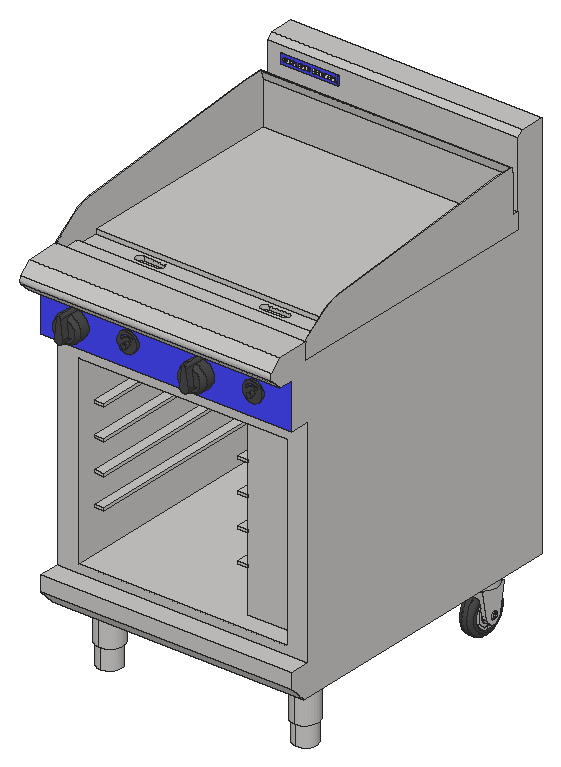
Revit family "QF_MOFFAT_BLUESEAL_CE_G514B-CB", category Specialty Equipment, Revit 2012
Parameters
  Weight in Pounds = 173  # constant formula
  Width [instance] = 600.00 mm  # constant formula
  URL Cutsheet = "www.moffat.com"
  URL = "www.moffat.com"
  Type Mark [instance] = ""
  Status [instance] = ""
  Specification by User [instance] = ""
  Specification by Manufacturer = ""
  Show Logo [instance] = yes
  Show Casters [instance] = yes
  Serial Number = ""
  Seismic Rating = ""
  SMACNA No = ""
  Revision Code [instance] = ""
  Omniclass Number and Title = ""
  NAFEM Spec ID Number = ""
  Model = "G514B-CB"
  Mechanical Remarks = ""
  Mechanical Connection Type = ""
  Masterspec = ""
  Manufacturer = "MOFFAT BLUESEAL"
  Legs [instance] = not(Show Casters)  # no
  Item Number [instance] = ""
  Installed By [instance] = ""
  Identify Quantity as Lot [instance] = yes
  Height = 1085.00 mm  # constant formula
  Gas Size = 3/4"
  Gas RI Height = 0.00 mm
  Gas KW = 12
  Gas Input = 40800.0 Btu/h
  Gas Connection Height = 0.00 mm
  Furnished By [instance] = ""
  Foodservice Equipment Identifier [instance] = yes
  Description = "600MM GAS GRIDDLE PLATE ON CABINET BASE"
  Depth [instance] = 812.00 mm  # constant formula
  CSI MasterFormat = ""
  CSI Master Format = ""
  Back Splash [instance] = 215.00 mm  # constant formula
Reference planes
  plane 1 "BACK": y = 0
  plane 2: z = 0
  plane 3 "LEFT": x = 0
  plane 4 "RIGHT": x = 600
  plane 5 "FRONT": y = -812
  plane 6 "TOP": z = 970
  plane 7 "Center Y": x = 300
  plane 8 "Center X": y = -406
  plane 9 "Base Height": z = 150
  plane 10: z = 915
  plane 11: x = 65
  plane 12: x = 534
  plane 13: y = -625
  plane 14: y = -100
  plane 15: x = 470
  plane 16: z = 655
  plane 17: y = -32
  plane 18: z = 1085
Forms (mm)
  Extrusion 1, solid, material "QF_Finishes_Stainless Steel"
    sketch origin (0, 0, 0) x (0, 1, 0) y (0, 0, 1)
      loop
        line (-100, 150) -> (0, 150) -> (0, 1085) -> (-57.5, 1085) -> (-70, 1072.5) -> (-70, 875) -> (-705, 875) -> (-705, 915) -> (-783.97, 915) -> (-808.485, 890.485)
        arc (-808.485, 890.485) -> (-811.999, 882) -> (-808.485, 873.515) r 12
        line (-808.485, 873.515) -> (-784.97, 850) -> (-749, 850) -> (-749, 740) -> (-100, 740) -> (-100, 150)
      loop
        line (-749, 186) -> (-713, 150) -> (-699, 150) -> (-699, 222.5) -> (-749, 222.5) -> (-749, 186)
    from 0 to 600
  Revolve 2, solid, material "QF_Finishes_Stainless Steel", visible <- "Legs"
    sketch origin (534, -210, 0) x (0, 1, 0) y (0, 0, -1)
      loop
        line (78.25, -150) -> (110, -150) -> (110, 0) -> (82.5, 0) -> (82.5, -50) -> (78.25, -50) -> (78.25, -150)
      axis (110, -150) -> (110, 0)
    angle from 0 to 360
  Revolve 3, solid, material "QF_Finishes_Stainless Steel"
    sketch origin (534, -735, 0) x (0, 1, 0) y (0, 0, -1)
      loop
        line (78.25, -150) -> (110, -150) -> (110, 0) -> (82.5, 0) -> (82.5, -50) -> (78.25, -50) -> (78.25, -150)
      axis (110, -150) -> (110, 0)
    angle from 0 to 360
  Revolve 4, solid, material "QF_Finishes_Stainless Steel", visible <- "Legs"
    sketch origin (65, -210, 0) x (0, 1, 0) y (0, 0, -1)
      loop
        line (78.25, -150) -> (110, -150) -> (110, 0) -> (82.5, 0) -> (82.5, -50) -> (78.25, -50) -> (78.25, -150)
      axis (110, -150) -> (110, 0)
    angle from 0 to 360
  Revolve 5, solid, material "QF_Finishes_Stainless Steel"
    sketch origin (65, -735, 0) x (0, 1, 0) y (0, 0, -1)
      loop
        line (78.25, -150) -> (110, -150) -> (110, 0) -> (82.5, 0) -> (82.5, -50) -> (78.25, -50) -> (78.25, -150)
      axis (110, -150) -> (110, 0)
    angle from 0 to 360
  Revolve 6, solid, material "QF_Finishes_Black"
    sketch origin (89.876, 7, 600.062) x (0, 1, 0) y (0, 0, -1)
      loop
        line (-789, -229.5) -> (-766, -229.5) -> (-766, -202) -> (-756, -202) -> (-756, -197) -> (-800, -197) -> (-800, -223.651) -> (-789, -229.5)
      axis (-800, -197) -> (-756, -197)
    angle from 0 to 360
  Extrusion 7, solid, material "QF_Finishes_Black"
    sketch origin (228.145, 0, 600.219) x (-1, 0, 0) y (0, 0, -1)
      loop
        line (143.2, -228.94) -> (148.689, -184.854)
        arc (148.689, -184.854) -> (137.617, -174.355) -> (127.782, -186.021) r 10.487
        line (127.782, -186.021) -> (133.203, -228.94)
        arc (133.203, -228.94) -> (138.201, -233.827) -> (143.2, -228.94) r 5
    from 759 to 808
  Extrusion 8, solid, material "QF_Finishes_Stainless Steel"
    sketch origin (0, -699, 685) x (1, 0, 0) y (0, -1, 0)
      loop
        circle (470, -667) r 13.5
    from -55 to 30
  Extrusion 9, solid, material "QF_Finishes_Stainless Steel"
    sketch origin (0, -100, 685) x (0, 0, 1) y (-1, 0, 0)
      loop
        line (-535, 0) -> (-535, -600) -> (55, -600) -> (55, 0) -> (-535, 0)
      loop
        line (0, -50) -> (-442.5, -50) -> (-442.5, -550) -> (0, -550) -> (0, -50)
    from 0 to 599
  Extrusion 10, solid, material "QF_Finishes_Stainless Steel"
    sketch origin (0, -100, 685) x (0, 0, 1) y (-1, 0, 0)
      loop
        line (-266.25, -50) -> (-266.25, -75) -> (-259.9, -75) -> (-259.9, -50) -> (-266.25, -50)
      loop
        line (-184.9, -75) -> (-184.9, -50) -> (-191.25, -50) -> (-191.25, -75) -> (-184.9, -75)
      loop
        line (-341.25, -50) -> (-341.25, -75) -> (-334.9, -75) -> (-334.9, -50) -> (-341.25, -50)
      loop
        line (-109.9, -75) -> (-109.9, -50) -> (-116.25, -50) -> (-116.25, -75) -> (-109.9, -75)
      loop
        line (-266.25, -419.5) -> (-259.9, -419.5) -> (-259.9, -394.5) -> (-266.25, -394.5) -> (-266.25, -419.5)
      loop
        line (-184.9, -394.5) -> (-191.25, -394.5) -> (-191.25, -419.5) -> (-184.9, -419.5) -> (-184.9, -394.5)
      loop
        line (-341.25, -419.5) -> (-334.9, -419.5) -> (-334.9, -394.5) -> (-341.25, -394.5) -> (-341.25, -419.5)
      loop
        line (-109.9, -394.5) -> (-116.25, -394.5) -> (-116.25, -419.5) -> (-109.9, -419.5) -> (-109.9, -394.5)
    from 0 to 554
  Extrusion 11, solid, material "QF_Finishes_Stainless Steel"
    sketch origin (0, -100, 685) x (0, 0, 1) y (-1, 0, 0)
      loop
        line (0, -550) -> (0, -419.5) -> (-442.5, -419.5) -> (-442.5, -550) -> (0, -550)
    from 546.898 to 554
  Extrusion 12, void
    sketch origin (0, 0, 150) x (-1, 0, 0) y (0, -1, 0)
      loop
        line (-535.614, 87.26) -> (-535.614, -30.24) -> (-406.114, -30.24) -> (-406.114, 38.76) -> (-454.614, 87.26) -> (-535.614, 87.26)
    from 72.5 to 590
  Revolve 13, solid, material "QF_Finishes_Black"
    sketch origin (390, 7, 600) x (0, 1, 0) y (0, 0, -1)
      loop
        line (-789, -229.5) -> (-766, -229.5) -> (-766, -202) -> (-756, -202) -> (-756, -197) -> (-800, -197) -> (-800, -223.651) -> (-789, -229.5)
      axis (-800, -197) -> (-756, -197)
    angle from 0 to 360
  Extrusion 14, solid, material "QF_Finishes_Black"
    sketch origin (528.27, 0, 600.158) x (-1, 0, 0) y (0, 0, -1)
      loop
        line (143.2, -228.94) -> (148.689, -184.854)
        arc (148.689, -184.854) -> (137.617, -174.355) -> (127.782, -186.021) r 10.487
        line (127.782, -186.021) -> (133.203, -228.94)
        arc (133.203, -228.94) -> (138.201, -233.827) -> (143.2, -228.94) r 5
    from 759 to 808
  Extrusion 15, solid, material "QF_Finishes_Black"
    sketch origin (0, -749, 850) x (0, 0, -1) y (1, 0, 0)
      loop
        circle (53, 210) r 23.9
      loop
        arc (45.641, 218.419) -> (46.501, 223.219) -> (41.701, 224.079) r 3.448
        arc (41.701, 224.079) -> (35.116, 209.341) -> (42.919, 195.209) r 18.095
        arc (42.919, 195.209) -> (47.641, 196.491) -> (46.326, 201.204) r 3.448
        arc (46.326, 201.204) -> (42.758, 209.683) -> (45.641, 218.419) r 13.109
      loop
        circle (53, 510) r 23.9
      loop
        arc (45.641, 518.419) -> (46.501, 523.219) -> (41.701, 524.079) r 3.448
        arc (41.701, 524.079) -> (35.116, 509.341) -> (42.919, 495.209) r 18.095
        arc (42.919, 495.209) -> (47.641, 496.491) -> (46.326, 501.204) r 3.448
        arc (46.326, 501.204) -> (42.758, 509.683) -> (45.641, 518.419) r 13.109
    from 0 to 5
  Revolve 16, solid, material "QF_Finishes_Stainless Steel", visible <- "Legs"
    sketch origin (65, -165, 0) x (0, 1, 0) y (0, 0, 1)
      loop
        line (34.25, 150) -> (34.25, 50) -> (38.5, 50) -> (38.5, 0) -> (66, 0) -> (66, 150) -> (34.25, 150)
      axis (66, 150) -> (66, 0)
    angle from 0 to 360
  Revolve 17, solid, material "QF_Finishes_Stainless Steel", visible <- "Legs"
    sketch origin (535, -165, 0) x (0, 1, 0) y (0, 0, -1)
      loop
        line (34.25, -150) -> (66, -150) -> (66, 0) -> (38.5, 0) -> (38.5, -50) -> (34.25, -50) -> (34.25, -150)
      axis (66, -150) -> (66, 0)
    angle from 0 to 360
  Revolve 18, solid, material "QF_Finishes_Stainless Steel", visible <- "Show Casters"
    sketch origin (15.776, -99.755, -13.653) x (1, 0, 0) y (0, 0, 1)
      loop
        line (14.841, 63.604) -> (83.584, 63.604) -> (83.584, 67.109) -> (82.314, 68.379) -> (80.79, 68.379) -> (80.79, 71.826) -> (68.644, 71.826) -> (68.644, 81.79) -> (65.088, 83.843) -> (63.738, 92.179) -> (65.881, 92.179) -> (65.881, 98.529) -> (65.088, 98.529) -> (65.088, 104.879)
        arc (65.088, 104.879) -> (62.298, 111.614) -> (55.563, 114.404) r 9.525
        line (55.563, 114.404) -> (42.863, 114.404)
        arc (42.863, 114.404) -> (36.127, 111.614) -> (33.338, 104.879) r 9.525
        line (33.338, 104.879) -> (33.338, 98.529) -> (32.544, 98.529) -> (32.544, 92.179) -> (34.687, 92.179) -> (33.352, 83.932) -> (29.782, 81.871) -> (29.782, 71.826) -> (17.635, 71.826) -> (17.635, 68.379) -> (16.111, 68.379) -> (14.841, 67.109) -> (14.841, 63.604)
      axis (14.841, 63.604) -> (83.584, 63.604)
    angle from 0 to 360
  Extrusion 19, solid, material "QF_Finishes_Stainless Steel", visible <- "Show Casters"
    sketch origin (71.501, 133.353, -8.783) x (0, 1, 0) y (0, 0, 1)
      loop
        line (-200.603, 118.783) -> (-264.103, 118.783) -> (-251.746, 53.895)
        arc (-251.746, 53.895) -> (-232.353, 38.783) -> (-212.959, 53.895) r 20
        line (-212.959, 53.895) -> (-200.603, 118.783)
    from -35.667 to 22.923
  Revolve 20, solid, material "QF_Finishes_Stainless Steel", visible <- "Show Casters"
    sketch origin (65, -203, 0) x (0, 1, 0) y (0, 0, 1)
      loop
        line (68.25, 150) -> (68.25, 110) -> (104, 110) -> (104, 150) -> (68.25, 150)
      axis (104, 150) -> (104, 110)
    angle from 0 to 360
  Revolve 21, solid, material "QF_Finishes_Stainless Steel", visible <- "Legs"
    sketch origin (65, -165, 0) x (0, 1, 0) y (0, 0, 1)
      loop
        line (34.25, 150) -> (34.25, 50) -> (38.5, 50) -> (38.5, 0) -> (66, 0) -> (66, 150) -> (34.25, 150)
      axis (66, 150) -> (66, 0)
    angle from 0 to 360
  Revolve 22, solid, material "QF_Finishes_Stainless Steel", visible <- "Show Casters"
    sketch origin (485.776, -99.755, -13.653) x (1, 0, 0) y (0, 0, 1)
      loop
        line (14.841, 63.604) -> (83.584, 63.604) -> (83.584, 67.109) -> (82.314, 68.379) -> (80.79, 68.379) -> (80.79, 71.826) -> (68.644, 71.826) -> (68.644, 81.79) -> (65.088, 83.843) -> (63.738, 92.179) -> (65.881, 92.179) -> (65.881, 98.529) -> (65.088, 98.529) -> (65.088, 104.879)
        arc (65.088, 104.879) -> (62.298, 111.614) -> (55.563, 114.404) r 9.525
        line (55.563, 114.404) -> (42.863, 114.404)
        arc (42.863, 114.404) -> (36.127, 111.614) -> (33.338, 104.879) r 9.525
        line (33.338, 104.879) -> (33.338, 98.529) -> (32.544, 98.529) -> (32.544, 92.179) -> (34.687, 92.179) -> (33.352, 83.932) -> (29.782, 81.871) -> (29.782, 71.826) -> (17.635, 71.826) -> (17.635, 68.379) -> (16.111, 68.379) -> (14.841, 67.109) -> (14.841, 63.604)
      axis (14.841, 63.604) -> (83.584, 63.604)
    angle from 0 to 360
  Extrusion 23, solid, material "QF_Finishes_Stainless Steel", visible <- "Show Casters"
    sketch origin (541.501, 133.353, -8.783) x (0, 1, 0) y (0, 0, 1)
      loop
        line (-200.603, 118.783) -> (-264.103, 118.783) -> (-251.746, 53.895)
        arc (-251.746, 53.895) -> (-232.353, 38.783) -> (-212.959, 53.895) r 20
        line (-212.959, 53.895) -> (-200.603, 118.783)
    from -35.667 to 22.923
  Revolve 24, solid, material "QF_Finishes_Stainless Steel", visible <- "Show Casters"
    sketch origin (535, -203, 0) x (0, 1, 0) y (0, 0, 1)
      loop
        line (68.25, 150) -> (68.25, 110) -> (104, 110) -> (104, 150) -> (68.25, 150)
      axis (104, 150) -> (104, 110)
    angle from 0 to 360
  Extrusion 25, solid, material "QF_Finishes_Black"
    sketch origin (0, -754, 850) x (0, 0, -1) y (1, 0, 0)
      loop
        circle (56.5, 510) r 5.75
      loop
        circle (56.5, 210) r 5.75
    from 0 to 10
Cuts and joins
  Extrusion 12 cuts Extrusion 1
  joined: Extrusion 1, Extrusion 9
Lines and regions (mm)
  Split face 1
    outline origin (600, 0, 1085) x (-1, 0, 0) y (0, -1, 0)
      loop
        arc (335.206, 45.385) -> (326.545, 40.385) -> (326.545, 30.385) r 10
        line (326.545, 30.385) -> (330.587, 23.385)
        arc (330.587, 23.385) -> (334.247, 19.725) -> (339.247, 18.385) r 10
        line (339.247, 18.385) -> (567.206, 18.385)
        arc (567.206, 18.385) -> (575.866, 23.385) -> (575.866, 33.385) r 10
        line (575.866, 33.385) -> (571.824, 40.385)
        arc (571.824, 40.385) -> (568.164, 44.045) -> (563.164, 45.385) r 10
        line (563.164, 45.385) -> (335.206, 45.385)
  Split face 2
    outline origin (600, 0, 1085) x (-1, 0, 0) y (0, -1, 0)
      loop
        arc (35.206, 45.385) -> (26.545, 40.385) -> (26.545, 30.385) r 10
        line (26.545, 30.385) -> (30.587, 23.385)
        arc (30.587, 23.385) -> (34.247, 19.725) -> (39.247, 18.385) r 10
        line (39.247, 18.385) -> (267.206, 18.385)
        arc (267.206, 18.385) -> (275.866, 23.385) -> (275.866, 33.385) r 10
        line (275.866, 33.385) -> (271.824, 40.385)
        arc (271.824, 40.385) -> (268.164, 44.045) -> (263.164, 45.385) r 10
        line (263.164, 45.385) -> (35.206, 45.385)
  symbolic lines
    curve 1: line (0, 0, 0) -> (0, -812, 0)
    curve 2: line (600, 0, 0) -> (0, 0, 0)
    curve 3: line (600, -812, 0) -> (600, 0, 0)
    curve 4: line (0, -812, 0) -> (600, -812, 0)
    curve 13: line (0, -57.5, 150) -> (600, -57.5, 150)
    curve 14: line (0, -70, 150) -> (600, -70, 150)
    curve 15: line (0, -783.97, 150) -> (600, -783.97, 150)
    curve 16: line (32.794, -18.385, 0) -> (260.753, -18.385, 0)
    curve 17: arc (260.753, -18.385, 0) -> (265.753, -19.725, 0) -> (269.413, -23.385, 0) r 10
    curve 18: line (269.413, -23.385, 0) -> (273.455, -30.385, 0)
    curve 19: arc (273.455, -30.385, 0) -> (273.455, -40.385, 0) -> (264.794, -45.385, 0) r 10
    curve 20: line (264.794, -45.385, 0) -> (36.836, -45.385, 0)
    curve 21: arc (36.836, -45.385, 0) -> (31.836, -44.045, 0) -> (28.176, -40.385, 0) r 10
    curve 22: line (28.176, -40.385, 0) -> (24.134, -33.385, 0)
    curve 23: arc (24.134, -33.385, 0) -> (24.134, -23.385, 0) -> (32.794, -18.385, 0) r 10
    curve 24: line (560.753, -18.385, 0) -> (332.794, -18.385, 0)
    curve 25: arc (332.794, -18.385, 0) -> (324.134, -23.385, 0) -> (324.134, -33.385, 0) r 10
    curve 26: line (324.134, -33.385, 0) -> (328.176, -40.385, 0)
    curve 27: arc (328.176, -40.385, 0) -> (331.836, -44.045, 0) -> (336.836, -45.385, 0) r 10
    curve 28: line (336.836, -45.385, 0) -> (564.794, -45.385, 0)
    curve 29: arc (564.794, -45.385, 0) -> (573.455, -40.385, 0) -> (573.455, -30.385, 0) r 10
    curve 30: line (573.455, -30.385, 0) -> (569.413, -23.385, 0)
    curve 31: arc (569.413, -23.385, 0) -> (565.753, -19.725, 0) -> (560.753, -18.385, 0) r 10
  symbolic lines, style "SpecialityEquipmentHiddenLines", visible <- "Show Casters"
    curve 5: line (78.456, -46.735, 0) -> (105.952, -62.61, 0)
    curve 6: line (27.656, -134.723, 0) -> (78.456, -46.735, 0)
    curve 7: line (55.152, -150.598, 0) -> (27.656, -134.723, 0)
    curve 8: line (105.952, -62.61, 0) -> (55.152, -150.598, 0)
    curve 9: line (548.456, -46.735, 0) -> (575.952, -62.61, 0)
    curve 10: line (497.656, -134.723, 0) -> (548.456, -46.735, 0)
    curve 11: line (525.152, -150.598, 0) -> (497.656, -134.723, 0)
    curve 12: line (575.952, -62.61, 0) -> (525.152, -150.598, 0)
Dimensions and locks
  equal spacing: plane 3 "LEFT", plane 7 "Center Y", plane 4 "RIGHT"
  "Width": plane 3 "LEFT" to plane 4 "RIGHT"
  equal spacing: plane 5 "FRONT", plane 8 "Center X", plane 1 "BACK"
  "Depth": plane 5 "FRONT" to plane 1 "BACK"
  locked: plane 10 to level at 915
  locked: plane 9 "Base Height" to level at 150
  plane 6 "TOP" to plane 10 = 55.00 mm
  plane 13 to plane 14 = 525.00 mm
  plane 12 to plane 11 = 469.00 mm
  plane 15 to plane 4 "RIGHT" = 130.00 mm
  plane 16 to level = 655.00 mm
  plane 17 to plane 1 "BACK" = 32.00 mm
  "Height": plane 18 to plane 2
  Revolve 18 sketch curve to Revolve 18 sketch curve = 50.80 mm
  Revolve 22 sketch curve to Revolve 22 sketch curve = 50.80 mm
  Extrusion 8 sketch curve to plane 1 "BACK" = 32.00 mm
  aligned and locked: level to plane 2
Automatic sketch dimensions
  curve 1 to plane 3 "LEFT" = 0.00 mm
  curve 4 to plane 4 "RIGHT" = 0.00 mm
  plane 5 "FRONT" to curve 1 = 0.00 mm
  plane 1 "BACK" to curve 2 = 0.00 mm
  plane 3 "LEFT" to curve 7 = 27.656 mm
  curve 7 to plane 11 = 9.848 mm
  plane 11 to curve 6 = 13.456 mm
  plane 15 to curve 10 = 27.656 mm
  plane 12 to curve 11 = 8.848 mm
  curve 10 to plane 12 = 14.456 mm
  curve 12 to plane 14 = 50.598 mm
  curve 8 to plane 14 = 50.598 mm
  curve 7 to curve 7 = 15.875 mm
  curve 11 to curve 11 = 15.875 mm
  Extrusion 1 sketch curve to plane 10 = 0.00 mm
  Extrusion 1 sketch curve to plane 9 "Base Height" = 0.00 mm  (x2)
  Extrusion 1 sketch curve to plane 14 = 0.00 mm
  Extrusion 1 sketch curve to plane 18 = 0.00 mm
  Extrusion 1 sketch curve to plane 1 "BACK" = 0.00 mm
  Extrusion 1 sketch curve to plane 13 = 74.00 mm
  Extrusion 1 sketch curve to plane 10 = 40.00 mm
  Extrusion 1 sketch curve to plane 13 = 80.00 mm
  Extrusion 1 sketch curve to Extrusion 1 sketch curve = 14.00 mm
  Extrusion 1 sketch curve to Extrusion 1 sketch curve = 36.00 mm
  Extrusion 1 sketch curve to plane 5 "FRONT" = 63.00 mm
  Extrusion 1 sketch curve to plane 5 "FRONT" = 28.03 mm
  Extrusion 1 sketch curve to plane 5 "FRONT" = 27.03 mm
  Extrusion 1 sketch curve to plane 5 "FRONT" = 12.001 mm
  Extrusion 1 sketch curve to plane 5 "FRONT" = 3.515 mm  (x2)
  plane 14 to Extrusion 1 sketch curve = 30.00 mm
  Extrusion 1 sketch curve to Extrusion 1 sketch curve = 12.50 mm
  plane 9 "Base Height" to Extrusion 1 sketch curve = 36.00 mm
  Extrusion 1 sketch curve to Extrusion 1 sketch curve = 36.50 mm
  plane 16 to Extrusion 1 sketch curve = 85.00 mm
  Extrusion 1 sketch curve to Extrusion 1 sketch curve = 25.00 mm
  Extrusion 1 sketch curve to Extrusion 1 sketch curve = 23.515 mm
  Extrusion 1 sketch curve to Extrusion 1 sketch curve = 8.485 mm
  Extrusion 1 sketch curve to plane 18 = 12.50 mm
  Revolve 2 sketch curve to plane 9 "Base Height" = 0.00 mm
  Revolve 2 sketch curve to level = 0.00 mm
  Revolve 2 sketch curve to plane 14 = 0.00 mm  (x2)
  Revolve 2 sketch curve to plane 14 = 27.50 mm
  Revolve 2 sketch curve to plane 14 = 31.75 mm
  level to Revolve 2 sketch curve = 50.00 mm
  Revolve 2 sketch curve to Revolve 2 sketch curve = 0.00 mm
  Revolve 2 sketch curve to Revolve 2 sketch curve = 55.00 mm
  Revolve 3 sketch curve to plane 9 "Base Height" = 0.00 mm
  Revolve 3 sketch curve to level = 0.00 mm
  Revolve 3 sketch curve to plane 13 = 0.00 mm  (x2)
  Revolve 3 sketch curve to plane 13 = 27.50 mm
  Revolve 3 sketch curve to plane 13 = 31.75 mm
  level to Revolve 3 sketch curve = 50.00 mm
  Revolve 3 sketch curve to Revolve 3 sketch curve = 0.00 mm
  Revolve 3 sketch curve to Revolve 3 sketch curve = 55.00 mm
  Revolve 4 sketch curve to plane 9 "Base Height" = 0.00 mm
  Revolve 4 sketch curve to level = 0.00 mm
  Revolve 4 sketch curve to plane 14 = 0.00 mm  (x2)
  Revolve 4 sketch curve to plane 14 = 27.50 mm
  Revolve 4 sketch curve to plane 14 = 31.75 mm
  level to Revolve 4 sketch curve = 50.00 mm
  Revolve 4 sketch curve to Revolve 4 sketch curve = 0.00 mm
  Revolve 4 sketch curve to Revolve 4 sketch curve = 55.00 mm
  Revolve 5 sketch curve to plane 9 "Base Height" = 0.00 mm
  Revolve 5 sketch curve to level = 0.00 mm
  Revolve 5 sketch curve to plane 13 = 0.00 mm  (x2)
  Revolve 5 sketch curve to plane 13 = 27.50 mm
  Revolve 5 sketch curve to plane 13 = 31.75 mm
  level to Revolve 5 sketch curve = 50.00 mm
  Revolve 5 sketch curve to Revolve 5 sketch curve = 0.00 mm
  Revolve 5 sketch curve to Revolve 5 sketch curve = 55.00 mm
  Revolve 6 sketch curve to plane 5 "FRONT" = 19.00 mm
  Revolve 6 sketch curve to Revolve 6 sketch curve = 0.00 mm  (x2)
  Revolve 6 sketch curve to Revolve 6 sketch curve = 11.00 mm
  Revolve 6 sketch curve to Revolve 6 sketch curve = 12.70 mm
  Revolve 6 sketch curve to Revolve 6 sketch curve = 23.00 mm
  Revolve 6 sketch curve to Revolve 6 sketch curve = 10.00 mm
  Revolve 6 sketch curve to plane 10 = 85.438 mm
  Revolve 6 sketch curve to Revolve 6 sketch curve = 5.849 mm
  Revolve 6 sketch curve to Revolve 6 sketch curve = 27.50 mm
  Revolve 6 sketch curve to Revolve 6 sketch curve = 5.00 mm
  plane 11 to Extrusion 7 sketch curve = 35.363 mm
  plane 11 to Extrusion 7 sketch curve = 29.943 mm
  Extrusion 7 sketch curve to Extrusion 7 sketch curve = 4.999 mm  (x2)
  Extrusion 7 sketch curve to Extrusion 7 sketch curve = 10.419 mm
  Extrusion 7 sketch curve to Extrusion 7 sketch curve = 10.487 mm
  Extrusion 7 sketch curve to plane 10 = 85.841 mm
  Extrusion 7 sketch curve to Extrusion 7 sketch curve = 0.113 mm
  Extrusion 7 sketch curve to Extrusion 7 sketch curve = 42.919 mm
  Extrusion 7 sketch curve to Extrusion 7 sketch curve = 1.167 mm
  Extrusion 8 sketch curve to plane 15 = 0.00 mm
  Extrusion 1 to Extrusion 9 sketch curve = 0.00 mm
  Extrusion 9 sketch curve to Extrusion 1 = 0.00 mm  (x3)
  Extrusion 1 to Extrusion 9 sketch curve = 92.50 mm
  Extrusion 1 to Extrusion 9 sketch curve = 55.00 mm
  Extrusion 1 to Extrusion 9 sketch curve = 50.00 mm  (x2)
  Extrusion 1 to Extrusion 10 sketch curve = 50.00 mm  (x2)
  Extrusion 1 to Extrusion 10 sketch curve = 193.75 mm  (x2)
  Extrusion 10 sketch curve to Extrusion 10 sketch curve = 6.35 mm  (x8)
  Extrusion 10 sketch curve to Extrusion 10 sketch curve = 68.65 mm  (x6)
  Extrusion 10 sketch curve to Extrusion 10 sketch curve = 25.00 mm  (x8)
  Extrusion 10 sketch curve to Extrusion 10 sketch curve = 0.00 mm  (x4)
  Extrusion 1 to Extrusion 10 sketch curve = 75.00 mm
  Extrusion 1 to Extrusion 10 sketch curve = 205.50 mm
  Extrusion 1 to Extrusion 11 sketch curve = 92.50 mm
  Extrusion 1 to Extrusion 11 sketch curve = 55.00 mm
  Extrusion 1 to Extrusion 11 sketch curve = 50.00 mm
  Extrusion 11 sketch curve to Extrusion 11 sketch curve = 130.50 mm
  Extrusion 12 sketch curve to plane 12 = 1.614 mm
  Extrusion 12 sketch curve to plane 15 = 15.386 mm
  Extrusion 12 sketch curve to plane 17 = 6.76 mm
  Extrusion 12 sketch curve to plane 15 = 63.886 mm
  Extrusion 12 sketch curve to plane 1 "BACK" = 30.24 mm
  plane 14 to Extrusion 12 sketch curve = 12.74 mm
  Revolve 13 sketch curve to plane 5 "FRONT" = 19.00 mm
  Revolve 13 sketch curve to Revolve 13 sketch curve = 0.00 mm  (x2)
  Revolve 13 sketch curve to Revolve 13 sketch curve = 11.00 mm
  Revolve 13 sketch curve to Revolve 13 sketch curve = 12.70 mm
  Revolve 13 sketch curve to Revolve 13 sketch curve = 23.00 mm
  Revolve 13 sketch curve to Revolve 13 sketch curve = 10.00 mm
  Revolve 13 sketch curve to plane 10 = 85.50 mm
  Revolve 13 sketch curve to Revolve 13 sketch curve = 5.849 mm
  Revolve 13 sketch curve to Revolve 13 sketch curve = 27.50 mm
  Revolve 13 sketch curve to Revolve 13 sketch curve = 5.00 mm
  Extrusion 14 sketch curve to plane 15 = 69.513 mm
  Extrusion 14 sketch curve to Extrusion 14 sketch curve = 5.421 mm
  Extrusion 14 sketch curve to Extrusion 14 sketch curve = 4.999 mm  (x2)
  Extrusion 14 sketch curve to Extrusion 14 sketch curve = 10.419 mm
  Extrusion 14 sketch curve to Extrusion 14 sketch curve = 10.487 mm
  Extrusion 14 sketch curve to plane 10 = 85.902 mm
  Extrusion 14 sketch curve to Extrusion 14 sketch curve = 0.113 mm
  Extrusion 14 sketch curve to Extrusion 14 sketch curve = 42.919 mm
  Extrusion 14 sketch curve to Extrusion 14 sketch curve = 1.167 mm
  Extrusion 1 to Extrusion 15 sketch curve = 41.701 mm  (x2)
  Extrusion 15 sketch curve to Extrusion 15 sketch curve = 1.218 mm  (x2)
  Extrusion 15 sketch curve to Extrusion 15 sketch curve = 1.97 mm  (x4)
  Extrusion 15 sketch curve to Extrusion 15 sketch curve = 1.724 mm  (x2)
  Extrusion 15 sketch curve to Extrusion 15 sketch curve = 1.683 mm  (x2)
  Extrusion 15 sketch curve to Extrusion 15 sketch curve = 6.674 mm  (x2)
  Extrusion 15 sketch curve to Extrusion 15 sketch curve = 0.195 mm  (x2)
  Extrusion 15 sketch curve to Extrusion 15 sketch curve = 2.662 mm  (x2)
  Extrusion 1 to Extrusion 15 sketch curve = 195.209 mm
  Extrusion 15 sketch curve to Extrusion 15 sketch curve = 2.986 mm  (x2)
  Extrusion 15 sketch curve to Extrusion 15 sketch curve = 8.796 mm  (x2)
  Extrusion 15 sketch curve to Extrusion 15 sketch curve = 0.103 mm  (x2)
  Extrusion 15 sketch curve to Extrusion 15 sketch curve = 0.102 mm  (x2)
  Extrusion 1 to Extrusion 15 sketch curve = 104.791 mm
  Revolve 16 sketch curve to plane 9 "Base Height" = 0.00 mm
  Revolve 16 sketch curve to level = 0.00 mm
  Revolve 16 sketch curve to plane 14 = 30.75 mm
  Revolve 16 sketch curve to plane 14 = 26.50 mm
  plane 14 to Revolve 16 sketch curve = 1.00 mm  (x2)
  Revolve 16 sketch curve to Revolve 16 sketch curve = 55.00 mm
  level to Revolve 16 sketch curve = 50.00 mm
  Revolve 16 sketch curve to Revolve 16 sketch curve = 0.00 mm
  Revolve 17 sketch curve to plane 9 "Base Height" = 0.00 mm
  Revolve 17 sketch curve to level = 0.00 mm
  Revolve 17 sketch curve to plane 14 = 30.75 mm
  Revolve 17 sketch curve to plane 14 = 26.50 mm
  plane 14 to Revolve 17 sketch curve = 1.00 mm  (x2)
  level to Revolve 17 sketch curve = 50.00 mm
  Revolve 17 sketch curve to Revolve 17 sketch curve = 0.00 mm
  Revolve 17 sketch curve to Revolve 17 sketch curve = 55.00 mm
  plane 3 "LEFT" to Revolve 18 sketch curve = 30.618 mm
  Revolve 18 sketch curve to Revolve 18 sketch curve = 1.27 mm  (x4)
  Revolve 18 sketch curve to Revolve 18 sketch curve = 1.524 mm  (x2)
  Revolve 18 sketch curve to Revolve 18 sketch curve = 12.146 mm  (x2)
  Revolve 18 sketch curve to plane 11 = 16.68 mm
  Revolve 18 sketch curve to Revolve 18 sketch curve = 0.794 mm  (x2)
  Revolve 18 sketch curve to Revolve 18 sketch curve = 3.57 mm
  Revolve 18 sketch curve to Revolve 18 sketch curve = 2.143 mm
  Revolve 18 sketch curve to plane 11 = 6.361 mm
  plane 11 to Revolve 18 sketch curve = 5.13 mm
  plane 11 to Revolve 18 sketch curve = 6.339 mm
  plane 11 to Revolve 18 sketch curve = 14.515 mm
  Revolve 18 sketch curve to Revolve 18 sketch curve = 1.349 mm  (x2)
  Revolve 18 sketch curve to Revolve 18 sketch curve = 3.556 mm
  Revolve 18 sketch curve to Revolve 18 sketch curve = 33.32 mm
  level to Revolve 18 sketch curve = 49.952 mm
  Revolve 18 sketch curve to Revolve 18 sketch curve = 0.00 mm
  Revolve 18 sketch curve to Revolve 18 sketch curve = 3.505 mm  (x2)
  Revolve 18 sketch curve to Revolve 18 sketch curve = 3.447 mm  (x2)
  Revolve 18 sketch curve to Revolve 18 sketch curve = 9.964 mm
  Revolve 18 sketch curve to Revolve 18 sketch curve = 10.045 mm
  Revolve 18 sketch curve to Revolve 18 sketch curve = 2.053 mm
  Revolve 18 sketch curve to Revolve 18 sketch curve = 2.061 mm
  Revolve 18 sketch curve to Revolve 18 sketch curve = 8.247 mm
  Revolve 18 sketch curve to Revolve 18 sketch curve = 8.336 mm
  Revolve 18 sketch curve to Revolve 18 sketch curve = 6.35 mm  (x2)
  Extrusion 19 sketch curve to plane 14 = 30.75 mm
  Extrusion 19 sketch curve to plane 14 = 18.393 mm
  plane 14 to Extrusion 19 sketch curve = 1.00 mm
  Extrusion 19 sketch curve to Extrusion 19 sketch curve = 19.393 mm
  plane 14 to Extrusion 19 sketch curve = 32.75 mm
  level to Extrusion 19 sketch curve = 45.111 mm
  Extrusion 19 sketch curve to Extrusion 19 sketch curve = 4.889 mm
  Extrusion 19 sketch curve to plane 9 "Base Height" = 40.00 mm
  Revolve 20 sketch curve to plane 9 "Base Height" = 0.00 mm
  Revolve 20 sketch curve to plane 14 = 34.75 mm
  plane 14 to Revolve 20 sketch curve = 1.00 mm  (x2)
  Revolve 20 sketch curve to plane 9 "Base Height" = 40.00 mm
  level to Revolve 20 sketch curve = 50.00 mm
  Revolve 20 sketch curve to level = 55.00 mm
  Revolve 21 sketch curve to plane 9 "Base Height" = 0.00 mm
  Revolve 21 sketch curve to level = 0.00 mm
  Revolve 21 sketch curve to plane 14 = 30.75 mm
  Revolve 21 sketch curve to plane 14 = 26.50 mm
  plane 14 to Revolve 21 sketch curve = 1.00 mm  (x2)
  Revolve 21 sketch curve to Revolve 21 sketch curve = 55.00 mm
  level to Revolve 21 sketch curve = 50.00 mm
  Revolve 21 sketch curve to Revolve 21 sketch curve = 0.00 mm
  plane 15 to Revolve 22 sketch curve = 30.618 mm
  Revolve 22 sketch curve to Revolve 22 sketch curve = 1.27 mm  (x4)
  Revolve 22 sketch curve to Revolve 22 sketch curve = 1.524 mm  (x2)
  Revolve 22 sketch curve to Revolve 22 sketch curve = 12.146 mm  (x2)
  plane 12 to Revolve 22 sketch curve = 15.68 mm
  Revolve 22 sketch curve to Revolve 22 sketch curve = 0.794 mm  (x2)
  Revolve 22 sketch curve to Revolve 22 sketch curve = 3.57 mm
  Revolve 22 sketch curve to Revolve 22 sketch curve = 2.143 mm
  plane 12 to Revolve 22 sketch curve = 5.361 mm
  Revolve 22 sketch curve to plane 12 = 6.13 mm
  Revolve 22 sketch curve to plane 12 = 7.339 mm
  Revolve 22 sketch curve to Revolve 22 sketch curve = 8.176 mm
  Revolve 22 sketch curve to Revolve 22 sketch curve = 1.349 mm  (x2)
  Revolve 22 sketch curve to Revolve 22 sketch curve = 3.556 mm
  Revolve 22 sketch curve to plane 4 "RIGHT" = 2.68 mm
  level to Revolve 22 sketch curve = 49.952 mm
  Revolve 22 sketch curve to Revolve 22 sketch curve = 0.00 mm
  Revolve 22 sketch curve to Revolve 22 sketch curve = 3.505 mm  (x2)
  Revolve 22 sketch curve to Revolve 22 sketch curve = 3.447 mm  (x2)
  Revolve 22 sketch curve to Revolve 22 sketch curve = 9.964 mm
  Revolve 22 sketch curve to Revolve 22 sketch curve = 10.045 mm
  Revolve 22 sketch curve to Revolve 22 sketch curve = 2.053 mm
  Revolve 22 sketch curve to Revolve 22 sketch curve = 2.061 mm
  Revolve 22 sketch curve to Revolve 22 sketch curve = 8.247 mm
  Revolve 22 sketch curve to Revolve 22 sketch curve = 8.336 mm
  Revolve 22 sketch curve to Revolve 22 sketch curve = 6.35 mm  (x2)
  Extrusion 23 sketch curve to plane 14 = 30.75 mm
  Extrusion 23 sketch curve to plane 14 = 18.393 mm
  plane 14 to Extrusion 23 sketch curve = 1.00 mm
  Extrusion 23 sketch curve to Extrusion 23 sketch curve = 19.393 mm
  plane 14 to Extrusion 23 sketch curve = 32.75 mm
  level to Extrusion 23 sketch curve = 45.111 mm
  Extrusion 23 sketch curve to Extrusion 23 sketch curve = 4.889 mm
  Extrusion 23 sketch curve to plane 9 "Base Height" = 40.00 mm
  Revolve 24 sketch curve to plane 9 "Base Height" = 0.00 mm
  Revolve 24 sketch curve to plane 14 = 34.75 mm
  plane 14 to Revolve 24 sketch curve = 1.00 mm  (x2)
  Revolve 24 sketch curve to plane 9 "Base Height" = 40.00 mm
  level to Revolve 24 sketch curve = 50.00 mm
  Revolve 24 sketch curve to level = 55.00 mm
  Split face 1 sketch curve to cut or joined group of Extrusion 1, Extrusion 9, Extrusion 12 = 27.115 mm
  Split face 1 sketch curve to cut or joined group of Extrusion 1, Extrusion 9, Extrusion 12 = 273.455 mm
  Split face 1 sketch curve to cut or joined group of Extrusion 1, Extrusion 9, Extrusion 12 = 23.385 mm
  Split face 1 sketch curve to Split face 1 sketch curve = 4.041 mm  (x4)
  Split face 1 sketch curve to Split face 1 sketch curve = 8.66 mm  (x2)
  Split face 1 sketch curve to cut or joined group of Extrusion 1, Extrusion 9, Extrusion 12 = 22.115 mm
  Split face 1 sketch curve to cut or joined group of Extrusion 1, Extrusion 9, Extrusion 12 = 36.836 mm
  Split face 1 sketch curve to Split face 1 sketch curve = 17.00 mm
  Split face 1 sketch curve to Split face 1 sketch curve = 7.00 mm  (x2)
  Split face 2 sketch curve to cut or joined group of Extrusion 1, Extrusion 9, Extrusion 12 = 26.545 mm
  Split face 2 sketch curve to Split face 2 sketch curve = 4.041 mm  (x4)
  Split face 2 sketch curve to Split face 2 sketch curve = 8.66 mm  (x2)
  Split face 2 sketch curve to cut or joined group of Extrusion 1, Extrusion 9, Extrusion 12 = 22.115 mm
  Split face 2 sketch curve to Split face 2 sketch curve = 223.917 mm
  Split face 2 sketch curve to cut or joined group of Extrusion 1, Extrusion 9, Extrusion 12 = 17.115 mm
  Split face 2 sketch curve to Split face 2 sketch curve = 10.00 mm
  Split face 2 sketch curve to Split face 2 sketch curve = 7.00 mm  (x3)
  curve 22 to plane 17 = 1.385 mm
  plane 3 "LEFT" to curve 22 = 24.134 mm
  curve 22 to curve 21 = 4.041 mm
  plane 17 to curve 23 = 13.615 mm
  curve 23 to curve 23 = 8.66 mm
  curve 21 to curve 21 = 8.66 mm
  curve 16 to plane 7 "Center Y" = 39.247 mm
  curve 17 to curve 19 = 4.041 mm  (x2)
  plane 17 to curve 17 = 8.615 mm
  curve 16 to curve 17 = 8.66 mm
  plane 17 to curve 19 = 1.615 mm
  curve 19 to plane 17 = 13.385 mm
  curve 21 to curve 22 = 7.00 mm
  curve 26 to plane 17 = 1.385 mm
  plane 7 "Center Y" to curve 26 = 24.134 mm
  curve 26 to plane 17 = 8.385 mm
  curve 25 to curve 26 = 4.041 mm
  curve 25 to curve 24 = 8.66 mm
  curve 27 to curve 27 = 8.66 mm
  plane 17 to curve 31 = 13.615 mm
  curve 31 to plane 12 = 26.753 mm
  curve 9 to curve 29 = 16.339 mm
  plane 17 to curve 31 = 8.615 mm
  curve 24 to curve 31 = 8.66 mm
  plane 17 to curve 29 = 1.615 mm
  curve 30 to curve 29 = 4.041 mm
  curve 29 to plane 17 = 13.385 mm
  radius of Extrusion 8 sketch curve = 13.50 mm
  radius of Extrusion 15 sketch curve = 23.90 mm  (x2)
Nested families
  nested 1: "GAS GRIDDLE PLATE 600" at (0, -85.003, 875), type "GAS GRIDDLE PLATE 600"
    with Width 600.00 mm, Type Mark "", Status "", Specification by User "", Revision Code "", Item Number "", Installed By "", Identify Quantity as Lot yes, Furnished By "", Foodservice Equipment Identifier yes, Depth 620.00 mm
  nested 2: "WALDORF LOGO_FACE BASE" at (32, -70, 1056.885) x (1, 0, 0) z (0, -1, 0), visible <- "Show Logo", type "WALDORF LOGO_FACE BASE", detail levels medium+fine
    with Show Logo yes
Connectors
  piping at (470, -32, 655)
    settings: on Extrusion 8, index 1, connector radius 0.37402", flow factor 0, pipe flow 0 GPM, pressure drop 0.00 psi, fitting loss kfactor 0, connector angle 0.00°, fixture units 0, engagement length 0.00 mm, flow configuration 1, flow direction 1, fitting loss method 0, system type 7, joint type 0, gender type 0, connector reference index -1, connector utility 0, adjustable connector no, is connector primary yes, fitting loss table "", connector description "GAS CONNECTION"
Definition of nested family "GAS GRIDDLE PLATE 600"
  Parameters (values of type "GAS GRIDDLE PLATE 600")
    Width [instance] = 600.00 mm
    Weight in Pounds = 0
    URL Cutsheet = ""
    Type Mark [instance] = ""
    Status [instance] = ""
    Specification by User [instance] = ""
    Specification by Manufacturer = ""
    Serial Number = ""
    Seismic Rating = ""
    SMACNA No = ""
    Revision Code [instance] = ""
    Omniclass Number and Title = ""
    NAFEM Spec ID Number = ""
    Masterspec = ""
    Item Number [instance] = ""
    Installed By [instance] = ""
    Identify Quantity as Lot [instance] = yes
    Furnished By [instance] = ""
    Foodservice Equipment Identifier [instance] = yes
    Depth [instance] = 620.00 mm
    CSI MasterFormat = ""
    CSI Master Format = ""
  Reference planes
    plane 1 "BACK": y = 0
    plane 2: z = 0
    plane 3 "LEFT": x = 0
    plane 4 "RIGHT": x = 600
    plane 5 "FRONT": y = -620
    plane 6 "TOP": z = 142.5
    plane 7 "Center Y": x = 300
    plane 8 "Center X": y = -310
    plane 9: y = -530.997
    plane 10: y = -541.497
    plane 11: y = -503.25
    plane 12: y = -557.737
  Forms (mm)
    Extrusion 1, solid, material "QF_Finishes_Stainless Steel"
      sketch origin (0, 70.003, -874.5) x (0, 1, 0) y (0, 0, 1)
        loop
          line (-70, 875) -> (-70, 997.489) -> (-75.228, 1017) -> (-117.24, 1017) -> (-589.533, 971.523)
          arc (-589.533, 971.523) -> (-614.56, 965.803) -> (-637.306, 953.899) r 100
          line (-637.306, 953.899) -> (-690.003, 917) -> (-690.003, 875) -> (-70, 875)
      from 0 to 1.8
    Extrusion 2, solid, material "QF_Finishes_Stainless Steel"
      sketch origin (600, 70.003, -874.5) x (0, -1, 0) y (0, 0, 1)
        loop
          line (70, 875) -> (690.003, 875) -> (690.003, 917) -> (637.306, 953.899)
          arc (637.306, 953.899) -> (614.56, 965.803) -> (589.533, 971.523) r 100
          line (589.533, 971.523) -> (117.24, 1017) -> (75.228, 1017) -> (70, 997.489) -> (70, 875)
      from 0 to 1.2
    Extrusion 3, solid, material "QF_Finishes_Stainless Steel"
      sketch origin (150, 70.003, -874.5) x (0, 1, 0) y (0, 0, 1)
        loop
          line (-70, 894.5) -> (-573.253, 894.5) -> (-573.253, 884) -> (-627.74, 884) -> (-627.74, 894.5) -> (-690.003, 894.5) -> (-690.003, 874.5) -> (-55, 874.5) -> (-55, 914.5) -> (-70, 914.5) -> (-70, 894.5)
      from -150 to 450
    Extrusion 4, void
      sketch origin (150, -541.497, 10) x (0, -1, 0) y (1, 0, 0)
        loop
          arc (-7.497, 25) -> (-17.497, 35) -> (-27.497, 25) r 10
          line (-27.497, 25) -> (-27.497, -25)
          arc (-27.497, -25) -> (-17.497, -35) -> (-7.497, -25) r 10
          line (-7.497, -25) -> (-7.497, 25)
        loop
          arc (-7.497, 325) -> (-17.497, 335) -> (-27.497, 325) r 10
          line (-27.497, 325) -> (-27.497, 275)
          arc (-27.497, 275) -> (-17.497, 265) -> (-7.497, 275) r 10
          line (-7.497, 275) -> (-7.497, 325)
      from -41.4 to 40.142
    Extrusion 5, solid, material "QF_Finishes_Stainless Steel"
      sketch origin (0, 70.003, -874.5) x (0, 1, 0) y (0, 0, 1)
        loop
          line (-70, 875) -> (-70, 997.489) -> (-75.228, 1017) -> (-76.884, 1017) -> (-71.6, 997.278) -> (-71.6, 875) -> (-70, 875)
      from 0 to 598.8
  Cuts and joins
    Extrusion 4 cuts Extrusion 3
    joined: Extrusion 1, Extrusion 2, Extrusion 3, Extrusion 5
  Lines and regions (mm)
    symbolic lines
      curve 1: line (598.8, -503.25, 0) -> (0, -503.25, 0)
      curve 2: line (1.8, -557.737, 0) -> (598.8, -557.737, 0)
      curve 3: line (0, -620, 0) -> (600, -620, 0)
      curve 4: line (175, -534, 0) -> (125, -534, 0)
      curve 5: arc (125, -534, 0) -> (115, -524, 0) -> (125, -514, 0) r 10
      curve 6: line (125, -514, 0) -> (175, -514, 0)
      curve 7: arc (175, -514, 0) -> (185, -524, 0) -> (175, -534, 0) r 10
      curve 8: arc (425, -514, 0) -> (415, -524, 0) -> (425, -534, 0) r 10
      curve 9: line (425, -534, 0) -> (475, -534, 0)
      curve 10: arc (475, -534, 0) -> (485, -524, 0) -> (475, -514, 0) r 10
      curve 11: line (475, -514, 0) -> (425, -514, 0)
      curve 12: line (600, -5.225, 0) -> (0, -5.225, 0)
      curve 13: line (0, -5.225, 0) -> (0, -620, 0)
      curve 14: line (600, -620, 0) -> (600, -5.225, 0)
  Dimensions and locks
    equal spacing: plane 3 "LEFT", plane 7 "Center Y", plane 4 "RIGHT"
    "Width": plane 3 "LEFT" to plane 4 "RIGHT"
    equal spacing: plane 5 "FRONT", plane 8 "Center X", plane 1 "BACK"
    "Depth": plane 5 "FRONT" to plane 1 "BACK"
    locked: Extrusion 2 to Extrusion 2 at 1.2
    Extrusion 4 sketch curve to Extrusion 4 sketch curve to plane 7 "Center Y" = 50.00 mm locked, 125.00 mm locked  (x2)
    aligned and locked: level to plane 2
    aligned and locked: Extrusion 2 to plane 4 "RIGHT"
    aligned and locked: curve 1 to plane 11
    aligned and locked: plane 12 to curve 2
    aligned and locked: Extrusion 5 to cut or joined group of Extrusion 1, Extrusion 2, Extrusion 3, Extrusion 4, Extrusion 5
    aligned and locked: cut or joined group of Extrusion 1, Extrusion 2, Extrusion 3, Extrusion 4, Extrusion 5 to plane 4 "RIGHT"
    aligned and locked: curve 5 to cut or joined group of Extrusion 1, Extrusion 2, Extrusion 3, Extrusion 4, Extrusion 5
    aligned and locked: curve 7 to cut or joined group of Extrusion 1, Extrusion 2, Extrusion 3, Extrusion 4, Extrusion 5
    aligned and locked: cut or joined group of Extrusion 1, Extrusion 2, Extrusion 3, Extrusion 4, Extrusion 5 to plane 3 "LEFT"
  Automatic sketch dimensions
    Extrusion 1 sketch curve to plane 5 "FRONT" = 0.00 mm
    Extrusion 1 sketch curve to plane 6 "TOP" = 0.00 mm
    plane 12 to Extrusion 1 sketch curve = 9.566 mm
    plane 11 to Extrusion 1 sketch curve = 16.28 mm
    Extrusion 1 sketch curve to level = 2.516 mm
    plane 11 to Extrusion 1 sketch curve = 6.695 mm
    plane 1 "BACK" to Extrusion 1 sketch curve = 47.237 mm
    plane 1 "BACK" to Extrusion 1 sketch curve = 5.225 mm
    Extrusion 1 sketch curve to plane 1 "BACK" = 0.003 mm
    level to Extrusion 1 sketch curve = 0.50 mm
    Extrusion 1 sketch curve to Extrusion 1 sketch curve = 42.00 mm
    Extrusion 1 sketch curve to plane 6 "TOP" = 63.101 mm
    Extrusion 1 sketch curve to plane 6 "TOP" = 19.511 mm
    Extrusion 2 sketch curve to plane 6 "TOP" = 0.00 mm
    Extrusion 2 sketch curve to plane 5 "FRONT" = 0.00 mm
    plane 12 to Extrusion 2 sketch curve = 9.566 mm
    plane 11 to Extrusion 2 sketch curve = 16.28 mm
    Extrusion 2 sketch curve to level = 2.516 mm
    plane 11 to Extrusion 2 sketch curve = 6.695 mm
    plane 1 "BACK" to Extrusion 2 sketch curve = 47.237 mm
    plane 1 "BACK" to Extrusion 2 sketch curve = 5.225 mm
    Extrusion 2 sketch curve to plane 1 "BACK" = 0.003 mm
    level to Extrusion 2 sketch curve = 0.50 mm
    Extrusion 2 sketch curve to Extrusion 2 sketch curve = 42.00 mm
    Extrusion 2 sketch curve to plane 6 "TOP" = 63.101 mm
    Extrusion 2 sketch curve to plane 6 "TOP" = 19.511 mm
    plane 1 "BACK" to Extrusion 5 sketch curve = 5.225 mm
    Extrusion 5 sketch curve to plane 1 "BACK" = 0.003 mm
    Extrusion 5 sketch curve to plane 6 "TOP" = 19.511 mm
    Extrusion 5 sketch curve to Extrusion 5 sketch curve = 1.60 mm
    Extrusion 5 sketch curve to Extrusion 5 sketch curve = 0.211 mm
    Extrusion 5 sketch curve to plane 6 "TOP" = 0.00 mm
    Extrusion 5 sketch curve to Extrusion 5 sketch curve = 1.656 mm
    level to Extrusion 5 sketch curve = 0.50 mm
    plane 11 to Extrusion 4 sketch curve = 10.75 mm  (x2)
    Extrusion 4 sketch curve to Extrusion 4 sketch curve = 10.00 mm  (x2)
    plane 5 "FRONT" to curve 3 = 0.00 mm
    curve 9 to plane 12 = 23.737 mm
    plane 7 "Center Y" to curve 9 = 125.00 mm
    curve 9 to curve 9 = 50.00 mm
    curve 9 to curve 10 = 10.00 mm
    plane 3 "LEFT" to curve 2 = 1.80 mm
    plane 3 "LEFT" to curve 12 = 0.00 mm
    plane 4 "RIGHT" to curve 2 = 1.20 mm
    plane 4 "RIGHT" to curve 3 = 0.00 mm
    plane 4 "RIGHT" to curve 1 = 1.20 mm
    plane 1 "BACK" to curve 14 = 5.225 mm
    Extrusion 3 sketch curve to plane 5 "FRONT" = 0.00 mm
    Extrusion 3 sketch curve to plane 12 = 0.00 mm
    Extrusion 3 sketch curve to plane 11 = 0.00 mm
    Extrusion 3 sketch curve to plane 1 "BACK" = 0.003 mm
    level to Extrusion 3 sketch curve = 0.00 mm
    Extrusion 3 sketch curve to Extrusion 3 sketch curve = 15.00 mm
    level to Extrusion 3 sketch curve = 9.50 mm
    Extrusion 3 sketch curve to Extrusion 3 sketch curve = 10.50 mm
    Extrusion 3 sketch curve to Extrusion 3 sketch curve = 20.00 mm  (x2)
Definition of nested family "WALDORF LOGO_FACE BASE"
  Parameters (values of type "WALDORF LOGO_FACE BASE")
    Show Logo [instance] = yes
    Default Elevation = 1219.20 mm
  Reference planes
    plane 1 "Center (Front/Back)": y = 0
    plane 2: z = 0
    plane 3 "Center (Left/Right)": x = 0
  Forms (mm)
    Extrusion 1, solid
      sketch origin (0, 0, 0) x (1, 0, 0) y (0, 1, 0)
        loop
          line (-1219.2, 1219.2) -> (-1219.2, -1219.2) -> (1219.2, -1219.2) -> (1219.2, 1219.2) -> (-1219.2, 1219.2)
      from 0 to -304.8
    Extrusion 2, solid, material "QF_Finishes_Blue", visible <- "Show Logo"
      sketch origin (0, -33.217, 0) x (1, 0, 0) y (0, 1, 0)
        loop
          arc (138, 31.942) -> (137.626, 32.844) -> (136.724, 33.217) r 1.276
          line (136.724, 33.217) -> (1.29, 33.217)
          arc (1.29, 33.217) -> (0.378, 32.839) -> (0, 31.927) r 1.29
          line (0, 31.927) -> (0, 11.507)
          arc (0, 11.507) -> (0.378, 10.595) -> (1.29, 10.217) r 1.29
          line (1.29, 10.217) -> (136.71, 10.217)
          arc (136.71, 10.217) -> (137.622, 10.595) -> (138, 11.507) r 1.29
          line (138, 11.507) -> (138, 31.942)
      from 0 to 1.588
    Extrusion 3, solid, material "QF_Finishes_White", visible <- "Show Logo"
      sketch origin (0, -33.217, 1.588) x (1, 0, 0) y (0, 1, 0)
        loop
          arc (108.946, 25.919) -> (107.613, 25.367) -> (107.061, 24.034) r 1.885
          line (107.061, 24.034) -> (107.061, 17.211) -> (112.704, 17.211) -> (112.704, 19.129) -> (115.546, 19.129) -> (115.546, 17.211) -> (121.584, 17.211) -> (121.584, 24.075)
          arc (121.584, 24.075) -> (121.043, 25.379) -> (119.739, 25.919) r 1.845
          line (119.739, 25.919) -> (108.946, 25.919)
        loop
          line (123.478, 25.919) -> (123.478, 17.163) -> (134.904, 17.163) -> (134.904, 19.129) -> (129.246, 19.129) -> (129.246, 25.919) -> (123.478, 25.919)
        loop
          line (112.704, 21.258) -> (115.546, 21.258) -> (115.546, 22.702)
          arc (115.546, 22.702) -> (115.344, 23.188) -> (114.858, 23.389) r 0.687
          line (114.858, 23.389) -> (113.363, 23.389)
          arc (113.363, 23.389) -> (112.897, 23.196) -> (112.704, 22.73) r 0.658
          line (112.704, 22.73) -> (112.704, 21.258)
        loop
          line (105.071, 25.919) -> (93.771, 25.919) -> (93.771, 17.163) -> (105.071, 17.163) -> (105.071, 19.063) -> (99.535, 19.063) -> (99.535, 20.437) -> (105.071, 20.437) -> (105.071, 22.278) -> (99.535, 22.278) -> (99.535, 23.587) -> (105.071, 23.587) -> (105.071, 25.919)
        loop
          line (91.104, 25.919) -> (79.541, 25.919)
          arc (79.541, 25.919) -> (78.558, 25.513) -> (78.152, 24.53) r 1.389
          line (78.152, 24.53) -> (78.152, 22.08)
          arc (78.152, 22.08) -> (78.558, 21.098) -> (79.541, 20.691) r 1.389
          line (79.541, 20.691) -> (86.346, 20.691) -> (86.346, 18.864) -> (83.266, 18.864) -> (83.266, 19.664) -> (78.152, 19.664) -> (78.152, 18.553)
          arc (78.152, 18.553) -> (78.558, 17.57) -> (79.541, 17.163) r 1.389
          line (79.541, 17.163) -> (91.063, 17.163)
          arc (91.063, 17.163) -> (92.045, 17.57) -> (92.452, 18.553) r 1.389
          line (92.452, 18.553) -> (92.452, 20.691)
          arc (92.452, 20.691) -> (92.045, 21.673) -> (91.063, 22.08) r 1.389
          line (91.063, 22.08) -> (83.266, 22.08) -> (83.266, 23.984) -> (86.346, 23.984) -> (86.346, 22.743) -> (92.452, 22.743) -> (92.452, 24.571)
          arc (92.452, 24.571) -> (92.057, 25.524) -> (91.104, 25.919) r 1.348
        loop
          line (70.705, 25.919) -> (59.405, 25.919) -> (59.405, 17.163) -> (70.705, 17.163) -> (70.705, 19.063) -> (65.169, 19.063) -> (65.169, 20.437) -> (70.705, 20.437) -> (70.705, 22.278) -> (65.169, 22.278) -> (65.169, 23.587) -> (70.705, 23.587) -> (70.705, 25.919)
        loop
          line (57.598, 25.919) -> (51.7, 25.919) -> (51.7, 20.18)
          arc (51.7, 20.18) -> (50.63, 19.11) -> (49.56, 20.18) r 1.07
          line (49.56, 20.18) -> (49.56, 25.919) -> (43.663, 25.919) -> (43.663, 19.049)
          arc (43.663, 19.049) -> (44.215, 17.716) -> (45.548, 17.163) r 1.885
          line (45.548, 17.163) -> (55.71, 17.163)
          arc (55.71, 17.163) -> (57.045, 17.716) -> (57.598, 19.051) r 1.887
          line (57.598, 19.051) -> (57.598, 25.919)
        loop
          line (31.62, 25.919) -> (31.62, 17.163) -> (43.046, 17.163) -> (43.046, 19.129) -> (37.388, 19.129) -> (37.388, 25.919) -> (31.62, 25.919)
        loop
          line (15.969, 25.919) -> (15.969, 17.163) -> (28.693, 17.163)
          arc (28.693, 17.163) -> (29.812, 17.627) -> (30.276, 18.746) r 1.582
          line (30.276, 18.746) -> (30.276, 20.447) -> (29.48, 21.243) -> (30.276, 22.039) -> (30.276, 24.332)
          arc (30.276, 24.332) -> (29.811, 25.454) -> (28.688, 25.919) r 1.587
          line (28.688, 25.919) -> (15.969, 25.919)
        loop
          line (21.449, 24.159) -> (21.449, 22.436) -> (23.862, 22.436)
          arc (23.862, 22.436) -> (24.723, 23.298) -> (23.862, 24.159) r 0.861
          line (23.862, 24.159) -> (21.449, 24.159)
        loop
          line (21.449, 20.244) -> (21.449, 18.522) -> (23.862, 18.522)
          arc (23.862, 18.522) -> (24.723, 19.383) -> (23.862, 20.244) r 0.861
          line (23.862, 20.244) -> (21.449, 20.244)
      from 0 to 0.2
    Extrusion 4, solid, material "QF_Finishes_Blue", visible <- "Show Logo"
      sketch origin (-126.498, -31.09, 1.588) x (1, 0, 0) y (0, 1, 0)
        loop
          line (136.738, 23.522) -> (136.738, 15.1)
          arc (136.738, 15.1) -> (140.756, 19.311) -> (136.738, 23.522) r 4.216
      from 0 to 0.2
    Extrusion 5, solid, material "QF_Finishes_Red", visible <- "Show Logo"
      sketch origin (146.849, -31.09, 1.588) x (-1, 0, 0) y (0, -1, 0)
        loop
          arc (136.738, -23.522) -> (140.756, -19.311) -> (136.738, -15.1) r 4.216
          line (136.738, -15.1) -> (136.738, -23.522)
      from 0 to 0.2
  Lines and regions (mm)
    Split face 1
      outline origin (-90.35, -30.793, 1.588) x (1, 0, 0) y (0, 1, 0)
        loop
          circle (100.54, 19.013) r 4.536
  Dimensions and locks
    aligned and locked: plane 2 to Extrusion 1
    aligned and locked: level to Extrusion 1
